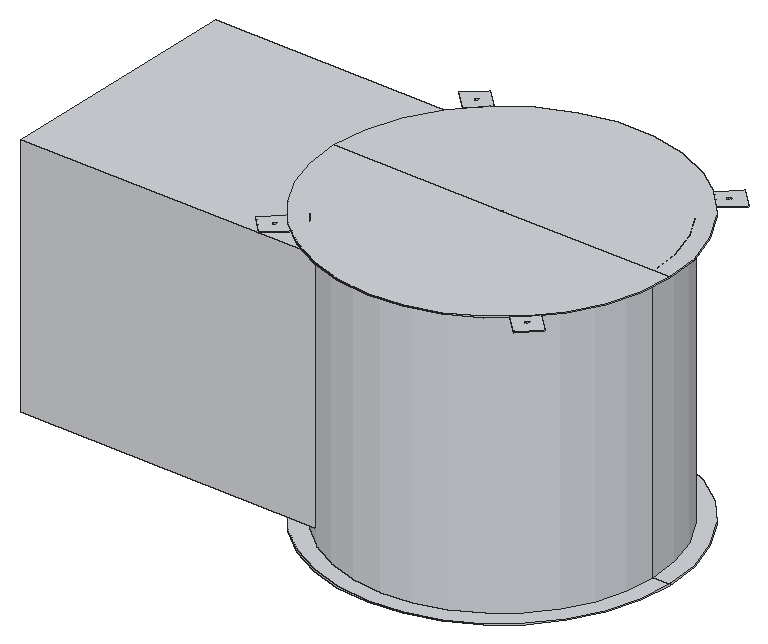
Revit family "AFB-S_Upblast_Ceiling_Mount", category Mechanical Equipment, Revit 2019
Family settings
  Round Connector Dimension = Use Radius
  Part Type = Normal
  Work Plane-Based = No
  Always vertical = Yes
  Cut with Voids When Loaded = No
  Shared = No
  Room Calculation Point = No
Parameters (values of type "36_AFB-S_UPBLAST_CEILING")
  Unit Weight [instance] = ""
  ModelID [instance] = ""
  L/2 = L / 2  # 1' - 3 17/32"
  L = 2' - 7 1/16"
  K/2 = K / 2  # 0' - 0 7/32"
  K = 0' - 0 7/16"
  J/2 = J / 2  # 1' - 9 31/32"
  Accessories [instance] = ""
  45 = 45.00°  # constant formula
  (L-1")/2 = (L - 0' 1") / 2  # 1' - 3 1/32"
  (J+(J-A))/2 = (J + ((J - A) / 2)) / 2  # 1' - 11 45/64"
  J = 3' - 7 15/16"
  CENTER = 0' - 0"  # constant formula
  H-(A/2) = H - (A / 2)  # 2' - 4 3/4"
  H+J = H + CENTER  # 3' - 11 1/4"
  H = 3' - 11 1/4"
  Sones [instance] = ""
  Motor RPM [instance] = ""
  Motor Enclosure [instance] = ""
  LwA [instance] = ""
  G = 6' - 0"
  Fan RPM [instance] = ""
  F/2 = F / 2  # 0' - 0 7/32"
  F = 0' - 0 7/16"
  E/2 = E / 2  # 1' - 5"
  E-2" = E - 0' 2"  # 2' - 8"
  E = 2' - 10"
  C/2+J = C / 2 + CENTER  # 1' - 7 1/2"
  C/2 = C / 2  # 1' - 7 1/2"
  C = 3' - 3"
  B/2 = B / 2  # 1' - 8 11/16"
  B = 3' - 5 3/8"
  A/3 = A / 2.5  # 1' - 2.8"
  A/2 = A / 2  # 1' - 6 1/2"
  A = 3' - 1"
  60 = 60.00°  # constant formula
  30 = 30.00°  # constant formula
  3" = 0' - 3"  # constant formula
  Brake Hp [instance] = ""
  4" = 0' - 4"  # constant formula
  2' = 2' - 0"
  2" = 0' - 2"  # constant formula
  1" = 0' - 1"  # constant formula
  0 = 0' - 0"  # constant formula
  Voltage [instance] = 0 V
  URL = "www.lorencook.com"
  Type Comments = "Tube Axial Fan Upblast Ceiling Mount Stainless Steel Construction Belt Drive Arrangement 9"  # constant formula
  Static Pressure [instance] = 0.00 in-wg
  Power [instance] = Voltage * Motor FLA * sqrt(if(Phase = 3, 3, 1))  # 0 VA
  Phase [instance] = 0
  Number of Poles [instance] = 1
  Motor Hp [instance] = "0"
  Motor FLA [instance] = 0 A
  Model = "AFB-S"  # constant formula
  Manufacturer = "Loren Cook Company"
  CFM [instance] = 0 CFM
  1.5 = 0' - 1 1/2"  # constant formula
  ONE EIGTH = 0' - 0 1/8"  # constant formula
  -E/2 = -E / 2  # -1' - 5"
  -(E-.25")/2 = -(E - 0' 0 1/4") / 2  # -1' - 4 7/8"
  (K/2)-((J-A-.25")/2) = (K / 2) - ((J - A - 0' 0 1/4") / 2)  # -0' - 3 1/8"
  (J-A-.25") = (J - A - 0' 0 1/4")  # 0' - 6 11/16"
  (H-(A/2))/2 = (H - (A / 2)) / 2  # 1' - 2 3/8"
  (E-.25")/2 = (E - 0' 0 1/4") / 2  # 1' - 4 7/8"
  (A+.25")/2 = (A + 0' 0 1/4") / 2  # 1' - 6 5/8"
Types (10): name | L/2 | L | K/2 | K | J/2 | (L-1")/2 | (J+(J-A))/2 | J | H-(A/2) | H+J | H | F/2 | F | E/2 | E-2" | E | C/2+J | C/2 | C | B/2 | B | A/3 | A/2 | A | -E/2 | -(E-.25")/2 | (K/2)-((J-A-.25")/2) | (J-A-.25") | (H-(A/2))/2 | (E-.25")/2 | (A+.25")/2
  (no name) | 1' - 3 17/32" | 2' - 7 1/16" | 0' - 0 7/32" | 0' - 0 7/16" | 1' - 9 31/32" | 1' - 3 1/32" | 1' - 11 45/64" | 3' - 7 15/16" | 2' - 4 3/4" | 3' - 11 1/4" | 3' - 11 1/4" | 0' - 0 7/32" | 0' - 0 7/16" | 1' - 5" | 2' - 8" | 2' - 10" | 1' - 7 1/2" | 1' - 7 1/2" | 3' - 3" | 1' - 8 11/16" | 3' - 5 3/8" | 1' - 2.8" | 1' - 6 1/2" | 3' - 1" | -1' - 5" | -1' - 4 7/8" | -0' - 3 1/8" | 0' - 6 11/16" | 1' - 2 3/8" | 1' - 4 7/8" | 1' - 6 5/8"
  12_AFB-S_UPBLAST_CEILING | 0' - 6 3/8" | 1' - 0 3/4" | 0' - 0 3/16" | 0' - 0 3/8" | 0' - 9 1/32" | 0' - 5 7/8" | 0' - 10 21/64" | 1' - 6 1/16" | 1' - 6 3/16" | 2' - 0 5/8" | 2' - 0 5/8" | 0' - 0 5/32" | 0' - 0 5/16" | 0' - 11" | 1' - 8" | 1' - 10" | 0' - 7 5/16" | 0' - 7 5/16" | 1' - 2 5/8" | 0' - 7 13/16" | 1' - 3 5/8" | 0' - 5.15" | 0' - 6 7/16" | 1' - 0 7/8" | -0' - 11" | -0' - 10 7/8" | -0' - 2 9/32" | 0' - 4 15/16" | 0' - 9 3/32" | 0' - 10 7/8" | 0' - 6 9/16"
  16_AFB-S_UPBLAST_CEILING | 0' - 7 13/16" | 1' - 3 5/8" | 0' - 0 3/16" | 0' - 0 3/8" | 0' - 11 1/32" | 0' - 7 5/16" | 1' - 0 21/64" | 1' - 10 1/16" | 1' - 9 11/16" | 2' - 6 1/8" | 2' - 6 1/8" | 0' - 0 5/32" | 0' - 0 5/16" | 1' - 0 1/2" | 1' - 11" | 2' - 1" | 0' - 9 5/16" | 0' - 9 5/16" | 1' - 6 5/8" | 0' - 9 13/16" | 1' - 7 5/8" | 0' - 6 3/4" | 0' - 8 7/16" | 1' - 4 7/8" | -1' - 0 1/2" | -1' - 0 3/8" | -0' - 2 9/32" | 0' - 4 15/16" | 0' - 10 27/32" | 1' - 0 3/8" | 0' - 8 9/16"
  18_AFB-S_UPBLAST_CEILING | 0' - 8 1/2" | 1' - 5" | 0' - 0 3/16" | 0' - 0 3/8" | 1' - 0 1/32" | 0' - 8" | 1' - 1 21/64" | 2' - 0 1/16" | 1' - 9 11/16" | 2' - 7 1/8" | 2' - 7 1/8" | 0' - 0 5/32" | 0' - 0 5/16" | 1' - 0 1/2" | 1' - 11" | 2' - 1" | 0' - 10 5/16" | 0' - 10 5/16" | 1' - 8 5/8" | 0' - 10 13/16" | 1' - 9 5/8" | 0' - 7.55" | 0' - 9 7/16" | 1' - 6 7/8" | -1' - 0 1/2" | -1' - 0 3/8" | -0' - 2 9/32" | 0' - 4 15/16" | 0' - 10 27/32" | 1' - 0 3/8" | 0' - 9 9/16"
  24_AFB-S_UPBLAST_CEILING | 0' - 10 7/8" | 1' - 9 3/4" | 0' - 0 3/16" | 0' - 0 3/8" | 1' - 3 13/32" | 0' - 10 3/8" | 1' - 4 57/64" | 2' - 6 13/16" | 2' - 3 7/16" | 3' - 3 7/8" | 3' - 3 7/8" | 0' - 0 7/32" | 0' - 0 7/16" | 1' - 3 1/2" | 2' - 5" | 2' - 7" | 1' - 1 7/16" | 1' - 1 7/16" | 2' - 2 7/8" | 1' - 2 9/16" | 2' - 5 1/8" | 0' - 9.95" | 1' - 0 7/16" | 2' - 0 7/8" | -1' - 3 1/2" | -1' - 3 3/8" | -0' - 2 21/32" | 0' - 5 11/16" | 1' - 1 23/32" | 1' - 3 3/8" | 1' - 0 9/16"
  28_AFB-S_UPBLAST_CEILING | 1' - 0 5/16" | 2' - 0 5/8" | 0' - 0 3/16" | 0' - 0 3/8" | 1' - 5 13/32" | 0' - 11 13/16" | 1' - 6 57/64" | 2' - 10 13/16" | 2' - 3 7/16" | 3' - 5 7/8" | 3' - 5 7/8" | 0' - 0 7/32" | 0' - 0 7/16" | 1' - 3 1/2" | 2' - 5" | 2' - 7" | 1' - 3 7/16" | 1' - 3 7/16" | 2' - 6 7/8" | 1' - 4 9/16" | 2' - 9 1/8" | 0' - 11.55" | 1' - 2 7/16" | 2' - 4 7/8" | -1' - 3 1/2" | -1' - 3 3/8" | -0' - 2 21/32" | 0' - 5 11/16" | 1' - 1 23/32" | 1' - 3 3/8" | 1' - 2 9/16"
  32_AFB-S_UPBLAST_CEILING | 1' - 2 1/8" | 2' - 4 1/4" | 0' - 0 7/32" | 0' - 0 7/16" | 1' - 7 31/32" | 1' - 1 5/8" | 1' - 9 45/64" | 3' - 3 15/16" | 2' - 4 3/4" | 3' - 9 1/4" | 3' - 9 1/4" | 0' - 0 7/32" | 0' - 0 7/16" | 1' - 5" | 2' - 8" | 2' - 10" | 1' - 5 1/2" | 1' - 5 1/2" | 2' - 11" | 1' - 6 5/8" | 3' - 1 1/4" | 1' - 1.2" | 1' - 4 1/2" | 2' - 9" | -1' - 5" | -1' - 4 7/8" | -0' - 3 1/8" | 0' - 6 11/16" | 1' - 2 3/8" | 1' - 4 7/8" | 1' - 4 5/8"
  36_AFB-S_UPBLAST_CEILING | 1' - 3 17/32" | 2' - 7 1/16" | 0' - 0 7/32" | 0' - 0 7/16" | 1' - 9 31/32" | 1' - 3 1/32" | 1' - 11 45/64" | 3' - 7 15/16" | 2' - 4 3/4" | 3' - 11 1/4" | 3' - 11 1/4" | 0' - 0 7/32" | 0' - 0 7/16" | 1' - 5" | 2' - 8" | 2' - 10" | 1' - 7 1/2" | 1' - 7 1/2" | 3' - 3" | 1' - 8 11/16" | 3' - 5 3/8" | 1' - 2.8" | 1' - 6 1/2" | 3' - 1" | -1' - 5" | -1' - 4 7/8" | -0' - 3 1/8" | 0' - 6 11/16" | 1' - 2 3/8" | 1' - 4 7/8" | 1' - 6 5/8"
  14_AFB-S_UPBLAST_CEILING | 0' - 7 3/32" | 1' - 2 3/16" | 0' - 0 3/16" | 0' - 0 3/8" | 0' - 10 1/32" | 0' - 6 19/32" | 0' - 11 21/64" | 1' - 8 1/16" | 1' - 6 3/16" | 2' - 1 5/8" | 2' - 1 5/8" | 0' - 0 5/32" | 0' - 0 5/16" | 0' - 11" | 1' - 8" | 1' - 10" | 0' - 8 5/16" | 0' - 8 5/16" | 1' - 4 5/8" | 0' - 8 27/32" | 1' - 5 11/16" | 0' - 5.95" | 0' - 7 7/16" | 1' - 2 7/8" | -0' - 11" | -0' - 10 7/8" | -0' - 2 9/32" | 0' - 4 15/16" | 0' - 9 3/32" | 0' - 10 7/8" | 0' - 7 9/16"
  20_AFB-S_UPBLAST_CEILING | 0' - 9 5/16" | 1' - 6 5/8" | 0' - 0 3/16" | 0' - 0 3/8" | 1' - 1 5/32" | 0' - 8 13/16" | 1' - 2 33/64" | 2' - 2 5/16" | 1' - 9 11/16" | 2' - 8 1/8" | 2' - 8 1/8" | 0' - 0 5/32" | 0' - 0 5/16" | 1' - 3 1/2" | 2' - 5" | 2' - 7" | 0' - 11 3/16" | 0' - 11 3/16" | 1' - 10 3/8" | 0' - 11 27/32" | 1' - 11 11/16" | 0' - 8.35" | 0' - 10 7/16" | 1' - 8 7/8" | -1' - 3 1/2" | -1' - 3 3/8" | -0' - 2 13/32" | 0' - 5 3/16" | 0' - 10 27/32" | 1' - 3 3/8" | 0' - 10 9/16"
Reference planes (in)
  plane 1 "Center (Front/Back)": y = 0
  plane 2: z = 0
  plane 3 "Center (Left/Right)": x = 0.40541
Forms (in)
  Revolve 1, solid
    sketch origin (0, 0, 0) x (1, 0, 0) y (0, 0, 1)
      loop
        line (0.40541, -17) -> (21.09291, -17) -> (21.09291, -16.875) -> (19.03041, -16.875) -> (19.03041, 16.875) -> (21.09291, 16.875) -> (21.09291, 17) -> (0.40541, 17) -> (0.40541, -17)
      axis (0.40541, -17) -> (0.40541, 17)
    angle from 0 to 360
  Extrusion 2, solid
    sketch origin (0.40541, 0, 16.875) x (1, 0, 0) y (0, -1, 0)
      loop
        arc (-10.99782, -15.03125) -> (-18.625, 0) -> (-10.99782, 15.03125) r 18.625
        line (-10.99782, 15.03125) -> (-47.25, 15.03125) -> (-47.25, -15.03125) -> (-10.99782, -15.03125)
    from 32 <- "E-2"" to 2
  Extrusion 3, void
    sketch origin (0, 0, 0) x (1, 0, 0) y (0, 1, 0)
      loop
        circle (0.40541, 0) r 0.125
    from -17 <- "-E/2" to 17 <- "E/2"
  Extrusion 4, solid
    sketch origin (0.40541, 0, 17) x (1, 0, 0) y (0, 1, 0)
      loop
        arc (-15.66639, 17.78771) -> (-16.76064, 16.76064) -> (-17.78771, 15.66639) r 23.70313
        line (-17.78771, 15.66639) -> (-15.65043, 13.52911)
        arc (-15.65043, 13.52911) -> (-14.62827, 14.62827) -> (-13.52911, 15.65043) r 20.6875
        line (-13.52911, 15.65043) -> (-15.66639, 17.78771)
      loop
        arc (15.66639, -17.78771) -> (16.76064, -16.76064) -> (17.78771, -15.66639) r 23.70313
        line (17.78771, -15.66639) -> (15.65043, -13.52911)
        arc (15.65043, -13.52911) -> (14.62827, -14.62827) -> (13.52911, -15.65043) r 20.6875
        line (13.52911, -15.65043) -> (15.66639, -17.78771)
      loop
        arc (-17.78771, -15.66639) -> (-16.76064, -16.76064) -> (-15.66639, -17.78771) r 23.70313
        line (-15.66639, -17.78771) -> (-13.52911, -15.65043)
        arc (-13.52911, -15.65043) -> (-14.62827, -14.62827) -> (-15.65043, -13.52911) r 20.6875
        line (-15.65043, -13.52911) -> (-17.78771, -15.66639)
      loop
        arc (17.78771, 15.66639) -> (16.76064, 16.76064) -> (15.66639, 17.78771) r 23.70313
        line (15.66639, 17.78771) -> (13.52911, 15.65043)
        arc (13.52911, 15.65043) -> (14.62827, 14.62827) -> (15.65043, 13.52911) r 20.6875
        line (15.65043, 13.52911) -> (17.78771, 15.66639)
    from 0 to -0.125
  Extrusion 5, void
    sketch origin (0, 0, 0) x (1, 0, 0) y (0, 1, 0)
      loop
        circle (15.93666, 15.53125) r 0.21875
      loop
        circle (-15.12584, 15.53125) r 0.21875
      loop
        circle (-15.12584, -15.53125) r 0.21875
      loop
        circle (15.93666, -15.53125) r 0.21875
    from 17 <- "E/2" to -17 <- "-E/2"
Cuts and joins
  Extrusion 3, Extrusion 5 cuts Revolve 1
  Extrusion 3, Extrusion 5 cuts Extrusion 2
  Extrusion 5 cuts Extrusion 4
Dimensions and locks (in)
  "0": Revolve 1 sketch curve to plane 3 "Center (Left/Right)"  (x2)
  "(A+.25")/2": Revolve 1 sketch curve to plane 3 "Center (Left/Right)"
  "B/2": Revolve 1 sketch curve to plane 3 "Center (Left/Right)"  (x2)
  "ONE EIGTH": Revolve 1 sketch curve to Revolve 1 sketch curve  (x2)
  "E": Revolve 1 sketch curve to Revolve 1 sketch curve
  "E/2": level to Revolve 1 sketch curve
  "H": Extrusion 2 sketch curve to plane 3 "Center (Left/Right)"
  "(L-1")/2": Extrusion 2 sketch curve to plane 1 "Center (Front/Back)"  (x2)
  "0": Extrusion 2 sketch curve to plane 3 "Center (Left/Right)"
  "0": Extrusion 2 sketch curve to plane 1 "Center (Front/Back)"
  "0": Extrusion 3 sketch curve to plane 3 "Center (Left/Right)"
  "0": plane 1 "Center (Front/Back)" to Extrusion 3 sketch curve
  "0": Extrusion 4 sketch curve to plane 3 "Center (Left/Right)"  (x8)
  "0": Extrusion 4 sketch curve to plane 1 "Center (Front/Back)"  (x8)
  "1.5": plane 3 "Center (Left/Right)" to Extrusion 4 sketch curve  (x3)
  "3"": Extrusion 4 sketch curve to Extrusion 4 sketch curve  (x4)
  "1.5": Extrusion 4 sketch curve to plane 3 "Center (Left/Right)"
  "L/2": plane 3 "Center (Left/Right)" to Extrusion 5 sketch curve  (x4)
  "L/2": plane 1 "Center (Front/Back)" to Extrusion 5 sketch curve  (x4)
  "(A+.25")/2": radius of Extrusion 2 sketch curve
  "ONE EIGTH": radius of Extrusion 3 sketch curve
  "(J+(J-A))/2": radius of Extrusion 4 sketch curve  (x4)
  "B/2": radius of Extrusion 4 sketch curve  (x4)
  "K/2": radius of Extrusion 5 sketch curve  (x4)
  "45": angle Extrusion 4 sketch curve to plane 3 "Center (Left/Right)"
  "45": angle Extrusion 4 sketch curve to plane 1 "Center (Front/Back)"  (x2)
  "45": angle plane 1 "Center (Front/Back)" to Extrusion 4 sketch curve
Automatic sketch dimensions
  Revolve 1 sketch curve to Revolve 1 sketch curve = 0' - 0"
  Revolve 1 sketch curve to Revolve 1 sketch curve = 1' - 6"
  Extrusion 2 sketch curve to Extrusion 2 sketch curve = 0' - 0"
Connectors (in)
  electrical at (-28.7185, -15.03125, -0.125)
    settings: on Extrusion 2, index 1, voltage 0 V, apparent load 0 VA, apparent load phase1 0 VA, apparent load phase2 0 VA, apparent load phase3 0 VA, power factor 1, load classification "Other", number of poles 1, system type 30, power factor state 1, is connector primary yes, connector utility no, sub classification motor no, connector description ""
  hvac at (0.40541, 0, 16.875), driven by "A/2"
    settings: on Revolve 1, index 2, duct flow 0 CFM, flow factor 0, pres drop 0.00 in-wg, loss coef 0, conn angle 0.00°, conn width 12", conn height 12", conn diameter 37", duct sys type 29, conn prof type 0, flow config 0, flow direction 2, loss method 0, conn ref index -1, conn util no, is conn primary yes, conn desc ""
  hvac at (0.40541, 0, -17), driven by "A/2"
    settings: on cut or joined group of Revolve 1, Extrusion 3, Extrusion 5, index 4, duct flow 0 CFM, flow factor 0, pres drop 0.00 in-wg, loss coef 0, conn angle 0.00°, conn width 12", conn height 12", conn diameter 37", duct sys type 29, conn prof type 0, flow config 0, flow direction 1, loss method 0, conn ref index -1, conn util no, is conn primary no, conn desc ""
